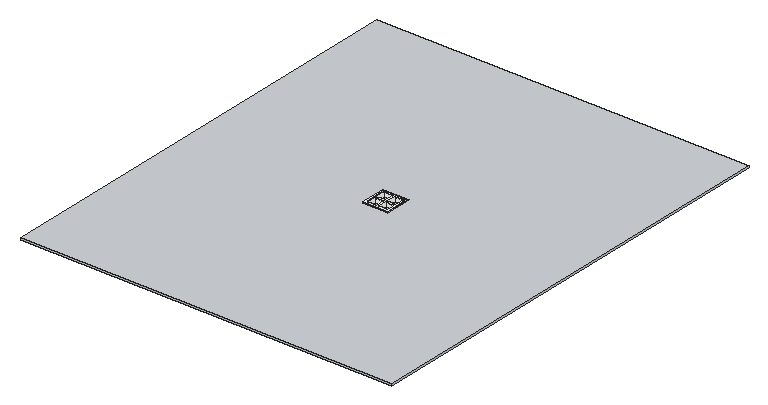
Revit family "Zumtobel MIREL-L mini EM", category Lighting Fixtures, host Face, Revit 2014
Parameters (values of type "MIREL-L mini EM LED1000-830 LDE")
  Width = 150.00 mm  # constant formula
  Wattage = 7.13603 W
  built-in parameter 1150110 = 1 (stored number, unit not read)
  Voltage = 230 V
  URL = "http://www.zumtobel.com/42184006"
  Type Comments = "© Zumtobel. We reserve the right to make technical changes without prior notice."  # constant formula
  built-in parameter 1114217 = 1 (stored number, unit not read)
  Tilt Angle = 90.00°
  built-in parameter 1150109 = 1 (stored number, unit not read)
  built-in parameter 1150134 = (empty or 0)
  built-in parameter 1150113 = 1 (stored number, unit not read)
  Photometric Web File = "42184006_(STD).IES"
  Model = "42184006"
  Manufacturer = "Zumtobel Lighting"  # constant formula
  built-in parameter 1150105 = 84.352 (stored number, unit not read)
  Lumens = 1060 lm
  built-in parameter 1150115 = 1 (stored number, unit not read)
  built-in parameter 1150137 = (empty or 0)
  built-in parameter 1150139 = (empty or 0)
  Length = 150.00 mm  # constant formula
  built-in parameter 1150112 = 1 (stored number, unit not read)
  built-in parameter 1150114 = 1 (stored number, unit not read)
  Lamp = "LED"
  built-in parameter 1150132 = 2
  built-in parameter 1150102 = (empty or 0)
  built-in parameter 1150107 = 3000 (stored number, unit not read)
  built-in parameter 1150138 = (empty or 0)
  built-in parameter 1150106 = 0.84352 (stored number, unit not read)
  Height = 38.00 mm  # constant formula
  Emit from Rectangle Width = Length + 18.00 mm  # 168.00 mm
  Emit from Rectangle Length = Width + 18.00 mm  # 168.00 mm
  Emit Shape Visible in Rendering = no
  built-in parameter 1150104 = 13.8 (stored number, unit not read)
  Dimming Lamp Color Temperature Shift = <None>
  Description = "Recessed LED luminaire "  # constant formula
  Cover [instance] = Zumtobel_MIREL_Lamp_Self_llumination
  Color Filter = 16777215
  Body [instance] = Zumtobel_Metal_White
  built-in parameter 1114218 = 1 (stored number, unit not read)
  built-in parameter 1150133 = 10 (stored number, unit not read)
  Apparent Load = 9.7 VA
  Default Elevation = 0.00 mm
  Assembly Code = "D5020200"
Reference planes
  plane 1 "Top": z = 0
  plane 2 "Center (Left/Right)": x = 0
  plane 3 "Center (Front/Back)": y = -11.001
  plane 4 "Back": y = 63.999
  plane 5 "Front": y = -86.001
  plane 6 "Left": x = -75
  plane 7 "Right": x = 75
  plane 8 "Back Cover": z = 0
  plane 9 "Top Body": z = 1.5
  plane 10: z = -21
  plane 11: z = -16.5
Forms (mm)
  Extrusion 1, solid
    sketch origin (0, 0, 0) x (1, 0, 0) y (0, 1, 0)
      loop
        line (-1219.2, 1439.2) -> (-1219.2, -1480.8) -> (1219.2, -1480.8) -> (1219.2, 1439.2) -> (-1219.2, 1439.2)
    from 0 to -10
  Extrusion 2, solid, material "Zumtobel_Metal_White" <- "Body", detail levels medium+fine
    sketch origin (0, 0, 0) x (1, 0, 0) y (0, 1, 0)
      loop
        line (-75, 63.999) -> (-75, -86.001) -> (75, -86.001) -> (75, 63.999) -> (-75, 63.999)
    from 0 to -38
  Blend 3, void
    base sketch origin (0, -574.933, 0) x (1, 0, 0) y (0, 1, 0)
      loop
        line (-65.95, 557.999) -> (-65.95, 497.999) -> (-5.95, 497.999) -> (-5.95, 557.999) -> (-65.95, 557.999)
    top sketch origin (0, -574.933, 0) x (1, 0, 0) y (0, 1, 0)
      loop
        line (-51.95, 543.999) -> (-51.95, 511.999) -> (-19.95, 511.999) -> (-19.95, 543.999) -> (-51.95, 543.999)
    from 1.5 to -16.5
  Blend 4, void
    base sketch origin (0, -574.933, 0) x (-1, 0, 0) y (0, -1, 0)
      loop
        line (-65.95, -557.999) -> (-5.95, -557.999) -> (-5.95, -497.999) -> (-65.95, -497.999) -> (-65.95, -557.999)
    top sketch origin (0, -574.933, 0) x (-1, 0, 0) y (0, -1, 0)
      loop
        line (-51.95, -543.999) -> (-19.95, -543.999) -> (-19.95, -511.999) -> (-51.95, -511.999) -> (-51.95, -543.999)
    from 1.5 to -16.5
  Blend 5, void
    base sketch origin (0, -503.067, 0) x (1, 0, 0) y (0, 1, 0)
      loop
        line (-65.95, 557.999) -> (-65.95, 497.999) -> (-5.95, 497.999) -> (-5.95, 557.999) -> (-65.95, 557.999)
    top sketch origin (0, -503.067, 0) x (1, 0, 0) y (0, 1, 0)
      loop
        line (-51.95, 543.999) -> (-51.95, 511.999) -> (-19.95, 511.999) -> (-19.95, 543.999) -> (-51.95, 543.999)
    from 1.5 to -16.5
  Blend 6, void
    base sketch origin (0, -503.067, 0) x (-1, 0, 0) y (0, -1, 0)
      loop
        line (-65.95, -557.999) -> (-5.95, -557.999) -> (-5.95, -497.999) -> (-65.95, -497.999) -> (-65.95, -557.999)
    top sketch origin (0, -503.067, 0) x (-1, 0, 0) y (0, -1, 0)
      loop
        line (-51.95, -543.999) -> (-19.95, -543.999) -> (-19.95, -511.999) -> (-51.95, -511.999) -> (-51.95, -543.999)
    from 1.5 to -16.5
  Extrusion 7, void
    sketch origin (0, 0, 0) x (1, 0, 0) y (0, 1, 0)
      loop
        line (-125, -136.001) -> (325, -136.001) -> (325, 113.999) -> (-125, 113.999) -> (-125, -136.001)
    from -10 to -60
  Extrusion 8, solid, material "Zumtobel_Metal_White" <- "Body", detail levels medium+fine
    sketch origin (0, 0, 0) x (1, 0, 0) y (0, 1, 0)
      loop
        line (-84, 72.999) -> (-84, -95.001) -> (84, -95.001) -> (84, 72.999) -> (-84, 72.999)
    from 0 to 1.5
  Extrusion 9, void
    sketch origin (0, 0, 0) x (1, 0, 0) y (0, 1, 0)
      loop
        line (-75, 63.999) -> (-75, -86.001) -> (75, -86.001) -> (75, 63.999) -> (-75, 63.999)
    from -10 to 0
Cuts and joins
  Blend 3, Blend 4, Blend 5, Blend 6 cuts Extrusion 2
  Blend 3, Blend 4, Blend 5, Blend 6 cuts Extrusion 8
  joined: Extrusion 2, Extrusion 8
Lines and regions (mm)
  symbolic lines, style "Zumtobel Lighting", detail levels coarse
    curve 1: line (-75, 63.999, 0) -> (75, 63.999, 0)
    curve 2: line (-75, -86.001, 0) -> (-75, 63.999, 0)
    curve 3: line (75, -86.001, 0) -> (-75, -86.001, 0)
    curve 4: line (75, 63.999, 0) -> (75, -86.001, 0)
  symbolic lines, style "Zumtobel Lighting"
    curve 5: line (-84, 72.999, 0) -> (84, 72.999, 0)
    curve 6: line (-84, -95.001, 0) -> (-84, 72.999, 0)
    curve 7: line (84, -95.001, 0) -> (-84, -95.001, 0)
    curve 8: line (84, 72.999, 0) -> (84, -95.001, 0)
Dimensions and locks
  equal spacing: plane 4 "Back", plane 3 "Center (Front/Back)", plane 5 "Front"
  "Length": plane 4 "Back" to plane 5 "Front"
  equal spacing: plane 6 "Left", plane 2 "Center (Left/Right)", plane 7 "Right"
  "Width": plane 6 "Left" to plane 7 "Right"
  locked: imposter light to plane 1 "Top" at 1.5
  locked: Extrusion 7 sketch curve to plane 4 "Back" at 50
  locked: Extrusion 7 sketch curve to plane 5 "Front" at 50
  locked: Extrusion 7 sketch curve to plane 6 "Left" at 50
  locked: plane 7 "Right" to Extrusion 7 sketch curve at 250
  aligned and locked: plane 1 "Top" to Extrusion 1
  aligned and locked: level to Extrusion 1
  aligned: imposter light to plane 2 "Center (Left/Right)"
  aligned: imposter light to plane 3 "Center (Front/Back)"
  aligned and locked: imposter light to plane 9 "Top Body"
  aligned and locked: imposter light to plane 2 "Center (Left/Right)"
  aligned: plane 1 "Top" to Extrusion 2
  aligned and locked: Extrusion 2 to plane 1 "Top"
  aligned and locked: Extrusion 2 sketch curve to plane 4 "Back"
  aligned and locked: Extrusion 2 sketch curve to plane 7 "Right"
  aligned and locked: Extrusion 2 sketch curve to plane 6 "Left"
  aligned and locked: Extrusion 2 sketch curve to plane 5 "Front"
Automatic sketch dimensions
  Extrusion 1 sketch curve to Extrusion 1 sketch curve = 2438.40 mm
  Extrusion 1 sketch curve to Extrusion 1 sketch curve = 2920.00 mm
  Blend 3 sketch curve to plane 2 "Center (Left/Right)" = 65.95 mm
  Blend 3 sketch curve to plane 2 "Center (Left/Right)" = 5.95 mm
  Blend 3 sketch curve to plane 3 "Center (Front/Back)" = 65.933 mm
  Blend 3 sketch curve to Blend 3 sketch curve = 60.00 mm
  Blend 3 sketch curve to plane 2 "Center (Left/Right)" = 51.95 mm
  Blend 3 sketch curve to plane 2 "Center (Left/Right)" = 19.95 mm
  Blend 3 sketch curve to plane 3 "Center (Front/Back)" = 51.933 mm
  Blend 3 sketch curve to Blend 3 sketch curve = 32.00 mm
  Blend 4 sketch curve to plane 2 "Center (Left/Right)" = 65.95 mm
  Blend 4 sketch curve to plane 2 "Center (Left/Right)" = 5.95 mm
  plane 3 "Center (Front/Back)" to Blend 4 sketch curve = 65.933 mm
  Blend 4 sketch curve to Blend 4 sketch curve = 60.00 mm
  Blend 4 sketch curve to plane 2 "Center (Left/Right)" = 51.95 mm
  Blend 4 sketch curve to plane 2 "Center (Left/Right)" = 19.95 mm
  plane 3 "Center (Front/Back)" to Blend 4 sketch curve = 51.933 mm
  Blend 4 sketch curve to Blend 4 sketch curve = 32.00 mm
  Blend 5 sketch curve to plane 2 "Center (Left/Right)" = 65.95 mm
  Blend 5 sketch curve to plane 2 "Center (Left/Right)" = 5.95 mm
  plane 3 "Center (Front/Back)" to Blend 5 sketch curve = 5.933 mm
  Blend 5 sketch curve to Blend 5 sketch curve = 60.00 mm
  Blend 5 sketch curve to plane 2 "Center (Left/Right)" = 51.95 mm
  Blend 5 sketch curve to plane 2 "Center (Left/Right)" = 19.95 mm
  plane 3 "Center (Front/Back)" to Blend 5 sketch curve = 19.933 mm
  Blend 5 sketch curve to Blend 5 sketch curve = 32.00 mm
  Blend 6 sketch curve to plane 2 "Center (Left/Right)" = 65.95 mm
  Blend 6 sketch curve to plane 2 "Center (Left/Right)" = 5.95 mm
  Blend 6 sketch curve to plane 3 "Center (Front/Back)" = 5.933 mm
  Blend 6 sketch curve to Blend 6 sketch curve = 60.00 mm
  Blend 6 sketch curve to plane 2 "Center (Left/Right)" = 51.95 mm
  Blend 6 sketch curve to plane 2 "Center (Left/Right)" = 19.95 mm
  Blend 6 sketch curve to plane 3 "Center (Front/Back)" = 19.933 mm
  Blend 6 sketch curve to Blend 6 sketch curve = 32.00 mm
  plane 5 "Front" to Extrusion 8 sketch curve = 9.00 mm
  plane 6 "Left" to Extrusion 8 sketch curve = 9.00 mm
  plane 7 "Right" to Extrusion 8 sketch curve = 9.00 mm
  plane 4 "Back" to Extrusion 8 sketch curve = 9.00 mm
  plane 5 "Front" to Extrusion 9 sketch curve = 0.00 mm
  Extrusion 9 sketch curve to plane 6 "Left" = 0.00 mm
  Extrusion 9 sketch curve to plane 7 "Right" = 0.00 mm
  Extrusion 9 sketch curve to plane 4 "Back" = 0.00 mm
  plane 5 "Front" to curve 3 = 0.00 mm
  curve 3 to plane 6 "Left" = 0.00 mm
  curve 1 to plane 4 "Back" = 0.00 mm
  curve 1 to plane 7 "Right" = 0.00 mm
  plane 6 "Left" to curve 5 = 9.00 mm
  plane 7 "Right" to curve 7 = 9.00 mm
  plane 5 "Front" to curve 7 = 9.00 mm
  plane 4 "Back" to curve 5 = 9.00 mm
Connectors
  electrical at (0, -11.001, -38), driven by "Voltage", driven by "Apparent Load"
    settings: on cut or joined group of Extrusion 2, Blend 3, Blend 4, Blend 5, Blend 6, Extrusion 8, index 1, voltage 230 V, apparent load 9.7 VA, apparent load phase1 0 VA, apparent load phase2 0 VA, apparent load phase3 0 VA, power factor 1, load classification "Lighting", number of poles 1, system type 30, power factor state 1, is connector primary yes, connector utility no, sub classification motor no, connector description "Power"
